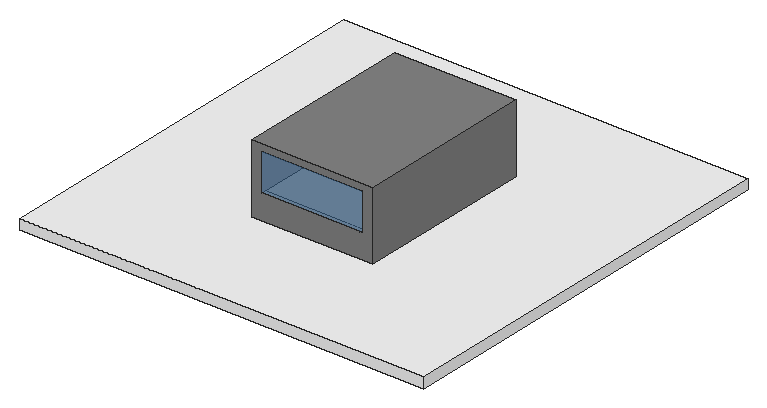
Revit family "BE_24087_de_DE", category Leuchten, Revit 2020
Family settings
  Basisbauteil = Fläche
  Bemaßung runder Anschluss = Durchmesser verwenden
  Teiletyp = Normal
  Beim Laden mit Abzugskörper schneiden = Ja
  Lichtquelle = Ja
  Gemeinsam genutzt = Nein
  Raumberechnungspunkt = Ja
Parameters (values of type "BEGA_24087_Grafit_K3")
  built-in parameter 1150104 = 13.564 (stored number, unit not read)
  Wattage = 10 W
  Default Elevation = 0 mm
  built-in parameter 1150113 = 1 (stored number, unit not read)
  built-in parameter 1114218 = 1 (stored number, unit not read)
  Umgebungstemperatur = "25 °C"
  URL = "https://www.bega.com/de/produkt/24087"
  Typenkommentare = "© 2022 BEGA. Wir behalten uns das Recht vor, technische Änderungen ohne vorherige Ankündigung vorzunehmen."  # constant formula
  Type Image = 24087.png
  built-in parameter 1150134 = (empty or 0)
  built-in parameter 1150109 = 1 (stored number, unit not read)
  Strom = ""
  built-in parameter 1150110 = 1 (stored number, unit not read)
  Spannung = 239.996 V
  Sonderanfertigung = no
  Seriennummer [instance] = "Hier können Sie die eindeutige Seriennummer für das Facility Management eintragen."
  Schutzklasse = "I"
  Schutzart = "IP 65"
  Scheinlast = 0 VA
  Produktdatenblatt = "https://cdn.bega.com/bega/products/24087WK4/current/documents/data-sheets/de"
  Oberflächentemperatur = ""
  Neigungswinkel = 0.00°
  Modell = "24087K3"
  Material_17 = BEGA_Reflektor
  Material_15 = BEGA_Leuchtmedium_matt
  Material_11 = BEGA_Glas_opal
  Material_10 = BEGA_Glas_matt
  Material_09 = BEGA_Glas_klar
  Material_06 = BEGA_Oberfläche_Edelstahl_gebürstet
  Material_03 = BEGA_Oberfläche_Weiss_matt
  Material_02 = BEGA_Oberfläche_Silber_matt
  Material_01 [instance] = BEGA_Oberfläche_Grafit_matt
  M_W = no
  M_G = yes
  M_A = no
  Logo = 0
  built-in parameter 1114217 = 1 (stored number, unit not read)
  built-in parameter 1150139 = (empty or 0)
  built-in parameter 1150105 = 116.18 (stored number, unit not read)
  built-in parameter 1150114 = 1 (stored number, unit not read)
  Lumens = 1460 lm
  built-in parameter 1150115 = 1 (stored number, unit not read)
  Leuchtenlichtstrom = "410 lm"
  Leuchtenanzahl = ""
  Lebensdauerkriterien = "L70B50 @ 25 °C = 200000 h"
  Lastklassifizierung = Beleuchtung
  built-in parameter 1150112 = 1 (stored number, unit not read)
  Lampenlichtstrom = "1460 lm"
  Lampe = "LED 10 W"
  LED_Modulbezeichnung = "2x LED-0887/830"
  built-in parameter 1150142 = (empty or 0)
  Hersteller = "BEGA"  # constant formula
  Halbstreuwinkel = ""
  Gewicht = "1.45 kg"
  Gebrauchslageneinschränkung [instance] = ""
  Frequenz = "0/50-60 Hz"
  Farbwiedergabeindex = "CRI > 80"
  Farbtemperaturverschiebung bei Dämpfen der Lampe = <Keine Auswahl>
  Farbtemperatur = "3000 K"
  Color Filter = 16777215
  built-in parameter 1150133 = 10 (stored number, unit not read)
  Energieeffizienzklasse = "LED A++ - A"
  built-in parameter 1150137 = (empty or 0)
  built-in parameter 1150132 = (empty or 0)
  ENEC = "ja"
  Dimmbar [instance] = "DALI"
  Datei für fotometrisches Netz = "BE_24087K3.IES"
  CE_Konformität = "ja"
  Bestellnummer = "24087K3"
  Beschreibung_Sonderanfertigung = "Hier können Sie Informationen zur Sonderanfertigung eintragen."
  Beschreibung = "Wandleuchte"
  built-in parameter 1150106 = 1.1618 (stored number, unit not read)
  Befestigungsbohrung = "Ø 4,5 mm"
  Befestigungsabstand = "86 x 86 mm"
  Ballwurfsicher = ""
  BEGA_Intern_aus = yes
  BEGA_Intern_an = yes
  BEGA_Intern_Konstruktion = yes
  BEGA_Intern = yes
  BEGA_IES = yes
  BEGA_Dummy = no
  Anschlussleitung = ""
  Anschlussleistung [instance] = "11.5 W"
  built-in parameter 1150107 = 3000 (stored number, unit not read)
  built-in parameter 1150102 = (empty or 0)
  built-in parameter 1150138 = (empty or 0)
  Aktualisierung = "2022-05-18T04:00:07"
  Abstand_zur_angestrahlten_Fläche [instance] = ""
  AC/DC = "AC/DC"
Types (6, lengths in mm): name | built-in parameter 1150104 | built-in parameter 1150134 | Modell | M_W | M_G | M_A | built-in parameter 1150105 | Lumens | Leuchtenlichtstrom | Lampenlichtstrom | LED_Modulbezeichnung | Farbtemperatur | Datei für fotometrisches Netz | Bestellnummer | built-in parameter 1150106 | built-in parameter 1150107
  BEGA_24087_Weiß_K3 | 13.564 (stored number, unit not read) | (empty or 0) | "24087WK3" | yes | no | no | 116.18 (stored number, unit not read) | 1460 lm | "410 lm" | "1460 lm" | "2x LED-0887/830" | "3000 K" | "BE_24087K3.IES" | "24087WK3" | 1.1618 (stored number, unit not read) | 3000 (stored number, unit not read)
  BEGA_24087_Grafit_K4 | 14.4 (stored number, unit not read) | 12 | "24087K4" | no | yes | no | 123.35 (stored number, unit not read) | 1550 lm | "435 lm" | "1550 lm" | "2x LED-0887/840" | "4000 K" | "BE_24087K4.IES" | "24087K4" | 1.2335 (stored number, unit not read) | 4000 (stored number, unit not read)
  BEGA_24087_Grafit_K3 | 13.564 (stored number, unit not read) | (empty or 0) | "24087K3" | no | yes | no | 116.18 (stored number, unit not read) | 1460 lm | "410 lm" | "1460 lm" | "2x LED-0887/830" | "3000 K" | "BE_24087K3.IES" | "24087K3" | 1.1618 (stored number, unit not read) | 3000 (stored number, unit not read)
  BEGA_24087_Silber_K4 | 14.4 (stored number, unit not read) | 12 | "24087AK4" | no | no | yes | 123.35 (stored number, unit not read) | 1550 lm | "435 lm" | "1550 lm" | "2x LED-0887/840" | "4000 K" | "BE_24087K4.IES" | "24087AK4" | 1.2335 (stored number, unit not read) | 4000 (stored number, unit not read)
  BEGA_24087_Silber_K3 | 13.564 (stored number, unit not read) | (empty or 0) | "24087AK3" | no | no | yes | 116.18 (stored number, unit not read) | 1460 lm | "410 lm" | "1460 lm" | "2x LED-0887/830" | "3000 K" | "BE_24087K3.IES" | "24087AK3" | 1.1618 (stored number, unit not read) | 3000 (stored number, unit not read)
  BEGA_24087_Weiß_K4 | 14.4 (stored number, unit not read) | 12 | "24087WK4" | yes | no | no | 123.35 (stored number, unit not read) | 1550 lm | "435 lm" | "1550 lm" | "2x LED-0887/840" | "4000 K" | "BE_24087K4.IES" | "24087WK4" | 1.2335 (stored number, unit not read) | 4000 (stored number, unit not read)
Reference planes
  plane 1 "Mitte (Vorne/Hinten)": y = 0
  plane 2: z = 0
  plane 3 "Mitte (Links/Rechts)": x = 0
  plane 4 "Links": x = -60
  plane 5 "Rechts": x = 60
  plane 6 "Unten": y = -88.5
  plane 7 "Oben": y = 88.5
  plane 8 "Vorne": z = 69.6
  plane 9 "Hinten": z = 0
Forms (mm)
  Extrusion 1, solid, material "BEGA_Platte_Weiss"
    sketch origin (0, -1119.2, 0) x (1, 0, 0) y (0, 1, 0)
      loop
        line (-200, 1319.2) -> (-200, 919.2) -> (200, 919.2) -> (200, 1319.2) -> (-200, 1319.2)
    from 0 to -10
  Extrusion 2, solid, material "BEGA_Dummy_matt", visible <- "BEGA_Dummy"
    sketch origin (80.095, -76.023, 0) x (1, 0, 0) y (0, 1, 0)
      loop
        line (-140.095, 164.523) -> (-140.095, -12.477) -> (-20.095, -12.477) -> (-20.095, 164.523) -> (-140.095, 164.523)
    from 0 to 69.6
Dimensions and locks
  plane 1 "Mitte (Vorne/Hinten)" to Extrusion 1 = 200 mm
  aligned and locked: plane 2 to Extrusion 1
  aligned and locked: level to Extrusion 1
Nested families
  nested 1: "BE_24087" at (-2.753, 0, 0), type "BE_24087"
Connectors
  electrical at (0, 0, 0), driven by "Lastklassifizierung", driven by "Spannung", driven by "Scheinlast"
    settings: index 1, voltage 239.996 V, apparent load 0 VA, apparent load phase1 0 VA, apparent load phase2 0 VA, apparent load phase3 0 VA, power factor 1, load classification "Beleuchtung", number of poles 1, system type 31, power factor state 1, is connector primary yes, connector utility no, sub classification motor no, connector description ""
Definition of nested family "BE_24087"
  Parameters (values of type "BE_24087")
    Default Elevation = 1 mm
    URL = "http://www.bega.de/de/produkt"
    Type Comments = "© 2015 BEGA. Wir behalten uns das Recht vor, technische Änderungen ohne vorherige Ankündigung vorzunehmen. "  # constant formula
    Type Image = (empty or 0)
    Neigungswinkel_um_Z2 = 0.00°
    Neigungswinkel_um_Z1 = 0.00°
    Neigungswinkel_um_Y2 = 0.00°
    Neigungswinkel_um_Y1 = 0.00°
    Neigungswinkel_um_X2 = 0.00°
    Neigungswinkel_um_X1 = 0.00°
    Material_17 = none
    Material_15 = none
    Material_11 = none
    Material_10 = none
    Material_09 = none
    Material_06 = none
    Material_03 = none
    Material_02 = none
    Material_01 = none
    M_W = yes
    M_G = yes
    M_A = yes
    Länge_Platte = 200 mm  # constant formula
    Höhe_Platte = -10 mm  # constant formula
    Manufacturer = "BEGA"  # constant formula
    Drehwinkel_um_Z2 = 0.00°
    Drehwinkel_um_Z1 = 0.00°
    Breite_Platte = 200 mm  # constant formula
  Reference planes
    plane 1 "Mitte (Oben/Unten)": y = 0
    plane 2: z = 0
    plane 3 "Mitte (Links/Rechts)": x = 2.753
    plane 4 "Hinten": z = -15
    plane 5 "Oben": y = 88.5
    plane 6 "Unten": y = -88.5
    plane 7: z = 69.6
    plane 8: x = 62.753
    plane 9: x = -57.247
  Forms (mm)
    Extrusion 1, solid, detail levels medium
      sketch origin (0, 0, 0) x (1, 0, 0) y (0, 1, 0)
        loop
          line (-97.247, 100) -> (-97.247, -100) -> (102.753, -100) -> (102.753, 100) -> (-97.247, 100)
      from 0 to -10 <- "Höhe_Platte"
    Extrusion 2, solid, material <- "Material_10"
      sketch origin (2.753, 0, 0) x (0, 1, 0) y (0, 0, 1)
        loop
          line (88.46, 63.294) -> (84.45, 63.294) -> (84.45, 26.294) -> (88.46, 26.294) -> (88.46, 63.294)
        loop
          line (-88.46, 63.294) -> (-88.46, 26.294) -> (-84.45, 26.294) -> (-84.45, 63.294) -> (-88.46, 63.294)
      from -50 to 50
    Extrusion 3, solid, material <- "Material_01", visible <- "M_G"
      sketch origin (0, 0, 0) x (1, 0, 0) y (0, 0, 1)
        loop
          line (-57.247, 69.6) -> (-57.247, 1.899) -> (62.753, 1.899) -> (62.753, 69.6) -> (-57.247, 69.6)
        loop
          line (52.753, 63.294) -> (-47.247, 63.294) -> (-47.247, 26.294) -> (52.753, 26.294) -> (52.753, 63.294)
      from -88.5 to 88.5
    Extrusion 4, void
      sketch origin (0, 0.559, 0) x (1, 0, 0) y (0, 1, 0)
        loop
          line (-54.856, 86.109) -> (-54.856, -86.109) -> (6.716, -86.109) -> (60.362, -86.109) -> (60.362, 86.109) -> (2.356, 86.109) -> (-54.856, 86.109)
      from 0 to 14.658
    Revolve 5, solid, material <- "Material_01"
      sketch origin (2.753, 0, 0) x (0, 1, 0) y (0, 0, 1)
        loop
          line (55.317, 10.478) -> (55.729, 20) -> (54.421, 20) -> (0, 20) -> (0, 12) -> (47.934, 12) -> (48.329, 0) -> (50.913, 0) -> (51.025, 3.044) -> (55.317, 10.478)
        axis (0, 0) -> (0, 20)
      angle from 0 to 360
    Extrusion 6, solid, material <- "Material_01"
      sketch origin (0, 0, 0) x (1, 0, 0) y (0, 1, 0)
        loop
          arc (-48.097, -42.239) -> (-43.99, -46.743) -> (-39.485, -50.85) r 66.105
          line (-39.485, -50.85) -> (-26.63, -41.848)
          arc (-26.63, -41.848) -> (-33.404, -36.157) -> (-39.095, -29.383) r 51.134
          line (-39.095, -29.383) -> (-48.097, -42.239)
        loop
          arc (-43.59, -43.045) -> (-41.979, -44.717) -> (-40.308, -46.328) r 63.25
          arc (-40.308, -46.328) -> (-37.119, -46.235) -> (-37.229, -43.047) r 2.25
          arc (-37.229, -43.047) -> (-38.789, -41.543) -> (-40.293, -39.982) r 58.75
          arc (-40.293, -39.982) -> (-43.472, -39.866) -> (-43.59, -43.045) r 2.25
        loop
          arc (42.735, -43.047) -> (42.618, -46.226) -> (45.797, -46.345) r 2.25
          arc (45.797, -46.345) -> (47.478, -44.725) -> (49.098, -43.043) r 63.25
          arc (49.098, -43.043) -> (48.98, -39.864) -> (45.8, -39.982) r 2.25
          arc (45.8, -39.982) -> (44.296, -41.543) -> (42.735, -43.047) r 58.75
        loop
          arc (44.992, -50.85) -> (49.496, -46.743) -> (53.603, -42.239) r 66.105
          line (53.603, -42.239) -> (44.602, -29.383)
          arc (44.602, -29.383) -> (38.91, -36.157) -> (32.136, -41.848) r 51.134
          line (32.136, -41.848) -> (44.992, -50.85)
        loop
          line (44.992, 50.85) -> (32.136, 41.848)
          arc (32.136, 41.848) -> (38.91, 36.157) -> (44.602, 29.383) r 51.134
          line (44.602, 29.383) -> (53.603, 42.239)
          arc (53.603, 42.239) -> (49.496, 46.743) -> (44.992, 50.85) r 66.105
        loop
          arc (45.8, 39.982) -> (48.977, 39.862) -> (49.103, 43.038) r 2.25
          arc (49.103, 43.038) -> (47.478, 44.725) -> (45.792, 46.349) r 63.25
          arc (45.792, 46.349) -> (42.615, 46.223) -> (42.735, 43.047) r 2.25
          arc (42.735, 43.047) -> (44.296, 41.543) -> (45.8, 39.982) r 58.75
        loop
          arc (-37.229, 43.047) -> (-37.109, 46.223) -> (-40.285, 46.349) r 2.25
          arc (-40.285, 46.349) -> (-41.971, 44.725) -> (-43.596, 43.038) r 63.25
          arc (-43.596, 43.038) -> (-43.47, 39.862) -> (-40.293, 39.982) r 2.25
          arc (-40.293, 39.982) -> (-38.789, 41.543) -> (-37.229, 43.047) r 58.75
        loop
          arc (-39.485, 50.85) -> (-43.99, 46.743) -> (-48.097, 42.239) r 66.105
          line (-48.097, 42.239) -> (-39.095, 29.383)
          arc (-39.095, 29.383) -> (-33.404, 36.157) -> (-26.63, 41.848) r 51.134
          line (-26.63, 41.848) -> (-39.485, 50.85)
      from 0 to 1.603
    Extrusion 7, void
      sketch origin (0, 0, 0) x (1, 0, 0) y (0, 1, 0)
        loop
          circle (-25.247, 15) r 5.096
        loop
          circle (-25.247, -15) r 5.096
      from 0 to 52.141
    Extrusion 8, solid, material <- "Material_02", visible <- "M_A"
      sketch origin (0, 0, 0) x (1, 0, 0) y (0, 0, 1)
        loop
          line (-57.247, 69.6) -> (-57.247, 1.899) -> (62.753, 1.899) -> (62.753, 69.6) -> (-57.247, 69.6)
        loop
          line (52.753, 63.294) -> (-47.247, 63.294) -> (-47.247, 26.294) -> (52.753, 26.294) -> (52.753, 63.294)
      from -88.5 to 88.5
    Extrusion 9, solid, material <- "Material_03", visible <- "M_W"
      sketch origin (0, 0, 0) x (1, 0, 0) y (0, 0, 1)
        loop
          line (-57.247, 69.6) -> (-57.247, 1.899) -> (62.753, 1.899) -> (62.753, 69.6) -> (-57.247, 69.6)
        loop
          line (52.753, 63.294) -> (-47.247, 63.294) -> (-47.247, 26.294) -> (52.753, 26.294) -> (52.753, 63.294)
      from -88.5 to 88.5
  Cuts and joins
    Extrusion 4 cuts Extrusion 2
    Extrusion 7 cuts Revolve 5
    Extrusion 7 cuts Extrusion 6
    joined: Revolve 5, Extrusion 6
    Extrusion 4, Extrusion 7 cuts Extrusion 9
    Extrusion 4, Extrusion 7 cuts Extrusion 8
    Extrusion 4, Extrusion 7 cuts Extrusion 3
  Dimensions and locks
    equal spacing: Extrusion 1 sketch curve, plane 3 "Mitte (Links/Rechts)", Extrusion 1 sketch curve
    equal spacing: Extrusion 1 sketch curve, plane 1 "Mitte (Oben/Unten)", Extrusion 1 sketch curve
    "Länge_Platte": Extrusion 1 sketch curve to Extrusion 1 sketch curve
    "Breite_Platte": Extrusion 1 sketch curve to Extrusion 1 sketch curve
    aligned and locked: plane 2 to Extrusion 1
    aligned and locked: level to Extrusion 1
  Automatic sketch dimensions
    level to Extrusion 2 sketch curve = 26.294 mm  (x2)
    plane 1 "Mitte (Oben/Unten)" to Extrusion 2 sketch curve = 88.46 mm
    Extrusion 2 sketch curve to Extrusion 2 sketch curve = 4.01 mm  (x2)
    Extrusion 2 sketch curve to plane 1 "Mitte (Oben/Unten)" = 84.45 mm
    level to Extrusion 3 sketch curve = 1.899 mm
    Extrusion 3 sketch curve to Extrusion 3 sketch curve = 10 mm  (x2)
    plane 3 "Mitte (Links/Rechts)" to Extrusion 3 sketch curve = 50 mm
    level to Extrusion 3 sketch curve = 26.294 mm
    Extrusion 4 sketch curve to plane 3 "Mitte (Links/Rechts)" = 0.398 mm
    plane 3 "Mitte (Links/Rechts)" to Extrusion 4 sketch curve = 3.962 mm
    plane 1 "Mitte (Oben/Unten)" to Extrusion 4 sketch curve = 85.55 mm
    Extrusion 4 sketch curve to plane 1 "Mitte (Oben/Unten)" = 86.668 mm
    Revolve 5 sketch curve to plane 1 "Mitte (Oben/Unten)" = 0 mm  (x2)
    Revolve 5 sketch curve to level = 0 mm
    level to Revolve 5 sketch curve = 12 mm
    Revolve 5 sketch curve to plane 1 "Mitte (Oben/Unten)" = 47.934 mm
    Revolve 5 sketch curve to Revolve 5 sketch curve = 0.395 mm
    Revolve 5 sketch curve to Revolve 5 sketch curve = 2.584 mm
    level to Revolve 5 sketch curve = 3.044 mm
    Revolve 5 sketch curve to Revolve 5 sketch curve = 0.113 mm
    Revolve 5 sketch curve to Revolve 5 sketch curve = 6.487 mm
    level to Revolve 5 sketch curve = 10.478 mm
    Revolve 5 sketch curve to Revolve 5 sketch curve = 7.384 mm
    Revolve 5 sketch curve to Revolve 5 sketch curve = 1.308 mm
    Revolve 5 sketch curve to Revolve 5 sketch curve = 9.522 mm
    Revolve 5 sketch curve to Revolve 5 sketch curve = 0 mm
    Revolve 5 sketch curve to Revolve 5 sketch curve = 2.7 mm
    Extrusion 6 sketch curve to Extrusion 6 sketch curve = 0 mm  (x103)
    plane 1 "Mitte (Oben/Unten)" to Extrusion 6 sketch curve = 0 mm  (x2)
    Extrusion 6 sketch curve to plane 3 "Mitte (Links/Rechts)" = 0 mm  (x3)
    Extrusion 6 sketch curve to plane 1 "Mitte (Oben/Unten)" = 0 mm  (x2)
    Extrusion 6 sketch curve to plane 3 "Mitte (Links/Rechts)" = 0.001 mm  (x2)
    Extrusion 6 sketch curve to plane 3 "Mitte (Links/Rechts)" = 29.383 mm  (x2)
    Extrusion 6 sketch curve to Extrusion 6 sketch curve = 12.13 mm  (x6)
    Extrusion 6 sketch curve to Extrusion 6 sketch curve = 0.335 mm  (x3)
    Extrusion 6 sketch curve to Extrusion 6 sketch curve = 0.725 mm  (x6)
    Extrusion 6 sketch curve to Extrusion 6 sketch curve = 3.181 mm  (x2)
    Extrusion 6 sketch curve to Extrusion 6 sketch curve = 3.182 mm  (x4)
    plane 1 "Mitte (Oben/Unten)" to Extrusion 6 sketch curve = 42.239 mm  (x2)
    Extrusion 6 sketch curve to Extrusion 6 sketch curve = 6.156 mm
    Extrusion 6 sketch curve to Extrusion 6 sketch curve = 6.155 mm  (x4)
    plane 3 "Mitte (Links/Rechts)" to Extrusion 6 sketch curve = 0 mm  (x2)
    plane 3 "Mitte (Links/Rechts)" to Extrusion 6 sketch curve = 29.383 mm  (x2)
    Extrusion 6 sketch curve to Extrusion 6 sketch curve = 3.183 mm  (x2)
    Extrusion 6 sketch curve to Extrusion 6 sketch curve = 6.154 mm
    Extrusion 6 sketch curve to Extrusion 6 sketch curve = 2.457 mm
    Extrusion 6 sketch curve to Extrusion 6 sketch curve = 2.847 mm  (x2)
    plane 1 "Mitte (Oben/Unten)" to Extrusion 6 sketch curve = 0.001 mm
    Extrusion 6 sketch curve to plane 1 "Mitte (Oben/Unten)" = 0.001 mm
    Extrusion 6 sketch curve to plane 1 "Mitte (Oben/Unten)" = 29.383 mm  (x2)
    Extrusion 6 sketch curve to Extrusion 6 sketch curve = 1.531 mm  (x6)
    plane 1 "Mitte (Oben/Unten)" to Extrusion 6 sketch curve = 29.383 mm
    Extrusion 6 sketch curve to Extrusion 6 sketch curve = 1.525 mm  (x2)
    Extrusion 6 sketch curve to Extrusion 6 sketch curve = 1.649 mm  (x6)
    Extrusion 6 sketch curve to Extrusion 6 sketch curve = 0.001 mm  (x3)
    Extrusion 6 sketch curve to Extrusion 6 sketch curve = 1.548 mm
    Extrusion 6 sketch curve to Extrusion 6 sketch curve = 1.654 mm  (x2)
    Extrusion 6 sketch curve to Extrusion 6 sketch curve = 1.53 mm
    Extrusion 6 sketch curve to Extrusion 6 sketch curve = 1.65 mm
    level to Extrusion 8 sketch curve = 1.899 mm
    Extrusion 8 sketch curve to Extrusion 8 sketch curve = 10 mm  (x2)
    plane 3 "Mitte (Links/Rechts)" to Extrusion 8 sketch curve = 50 mm
    level to Extrusion 8 sketch curve = 26.294 mm
    level to Extrusion 9 sketch curve = 1.899 mm
    Extrusion 9 sketch curve to Extrusion 9 sketch curve = 10 mm  (x2)
    plane 3 "Mitte (Links/Rechts)" to Extrusion 9 sketch curve = 50 mm
    level to Extrusion 9 sketch curve = 26.294 mm
    Extrusion 2 sketch curve to plane 7 = 6.306 mm  (x2)
    Extrusion 3 sketch curve to plane 7 = 0 mm
    Extrusion 3 sketch curve to plane 7 = 6.306 mm
    Extrusion 8 sketch curve to plane 7 = 0 mm
    Extrusion 8 sketch curve to plane 7 = 6.306 mm
    Extrusion 9 sketch curve to plane 7 = 0 mm
    Extrusion 9 sketch curve to plane 7 = 6.306 mm
    plane 8 to Extrusion 4 sketch curve = 2.391 mm
    plane 9 to Extrusion 3 sketch curve = 0 mm
    Extrusion 4 sketch curve to plane 9 = 2.391 mm
    plane 9 to Extrusion 8 sketch curve = 0 mm
    plane 9 to Extrusion 9 sketch curve = 0 mm
